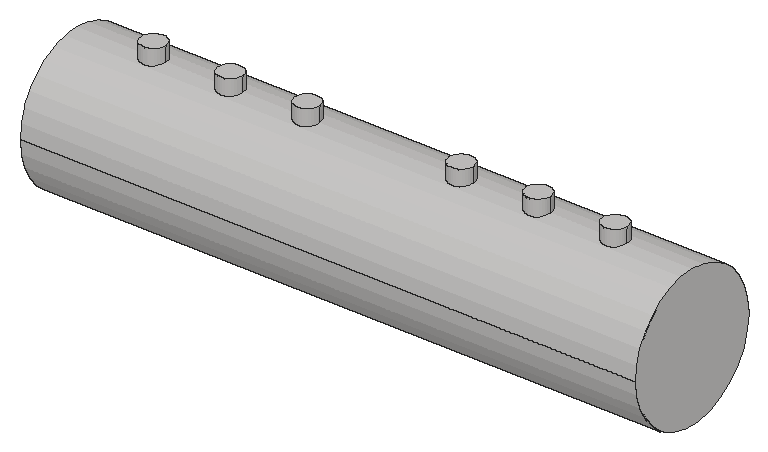
Revit family "SOFiSTiK_Muffe_Schraubschloss", category Verbindungsmittel, Revit 2023
Family settings
  Arbeitsebenenbasiert = Nein
  Immer vertikal = Nein
  Beim Laden mit Abzugskörper schneiden = Nein
  Gemeinsam genutzt = Nein
  An Ansicht ausrichten = Ja
Parameters (values of type "Ø10")
  Stabgröße 2 = d2, ø10
  Stabgröße 1 = d2, ø10
  SOFiSTiK_Symbol_ID = "Screwlock"  # constant formula
  SOFiSTiK_Identifier = "RC_Rebar_Coupler"  # constant formula
  Modell = "Schraubmuffe"
  Material = Baustahl - S 235
  Körper = 0,60 kg
  Hersteller = "Hersteller"
  Gesamtlänge = 127 mm
  Endenbearbeitung 2 = SOFiSTiK_Unbearbeitet
  Endenbearbeitung 1 = SOFiSTiK_Unbearbeitet
  Einfassung Stab 2 = Einfassung Stab 1  # 59 mm
  Einfassung Stab 1 = (Gesamtlänge - 10 mm) / 2  # 59 mm
  Bauelement = "M"
  Außendurchmesser = 29 mm
Types (14, lengths in mm): name | Stabgröße 2 | Stabgröße 1 | Körper | Gesamtlänge | Einfassung Stab 2 | Einfassung Stab 1 | Außendurchmesser
  (no name) | d2, ø10 | d2, ø10 | 0.6 (stored number, unit not read) | 127 | 0.19193 (stored number, unit not read) | 0.19193 (stored number, unit not read) | 29
  Ø6 | d2, ø6 | d2, ø6 | 0,60 kg | 100 | 45 mm | 45 mm | 29
  Ø8 | d2, ø8 | d2, ø8 | 0,60 kg | 127 | 59 mm | 59 mm | 29
  Ø10 | d2, ø10 | d2, ø10 | 0,60 kg | 127 | 59 mm | 59 mm | 29
  Ø12 | d2, ø12 | d2, ø12 | 0,60 kg | 127 | 59 mm | 59 mm | 29
  Ø14 | d2, ø14 | d2, ø14 | 0,90 kg | 159 | 75 mm | 75 mm | 35
  Ø16 | d2, ø16 | d2, ø16 | 0,13 kg | 159 | 75 mm | 75 mm | 35
  Ø20 | d2, ø20 | d2, ø20 | 1,70 kg | 191 | 91 mm | 91 mm | 44
  Ø26 | d2, ø26 | d2, ø26 | 3,40 kg | 254 | 122 mm | 122 mm | 54
  Ø30 | d2, ø30 | d2, ø30 | 0,36 kg | 260 | 125 mm | 125 mm | 60
  Ø34 | d2, ø34 | d2, ø34 | 5,90 kg | 323 | 157 mm | 157 mm | 65
  Ø40 | d2, ø40 | d2, ø40 | 10,90 kg | 400 | 195 mm | 195 mm | 80
  Ø18 | d2, ø18 | d2, ø18 | 0,13 kg | 159 | 75 mm | 75 mm | 35
  Ø22 | d2, ø22 | d2, ø22 | 1,70 kg | 191 | 91 mm | 91 mm | 44
Reference planes
  plane 1: y = 0
  plane 2: z = 0
  plane 3 "Mitte (Links/rechts)": x = 0
  plane 4: x = -63.5
  plane 5: x = 63.5
  plane 6: y = 14.5
  plane 7: y = -14.5
  plane 8: x = -47.625
  plane 9: x = -31.75
  plane 10: x = -15.875
  plane 11: x = 15.875
  plane 12: x = 31.75
  plane 13: x = 47.625
  plane 14: z = 17.5
  plane 15: z = 14.5
  plane 16: z = -14.5
Forms (mm)
  Extrusion 1, solid, material "Baustahl - S 235" <- "Material"
    sketch origin (0, 0, 0) x (0, 1, 0) y (0, 0, 1)
      loop
        circle (0, 0) r 14.5
    from -63.5 to 63.5
  Extrusion 2, solid, material "Baustahl - S 235" <- "Material"
    sketch origin (0, 0, 0) x (1, 0, 0) y (0, 1, 0)
      loop
        circle (-47.625, 0) r 2.5
      loop
        circle (-31.75, 0) r 2.5
      loop
        circle (-15.875, 0) r 2.5
      loop
        circle (15.875, 0) r 2.5
      loop
        circle (31.75, 0) r 2.5
      loop
        circle (47.625, 0) r 2.5
    from 0 to 17.5
Cuts and joins
  joined: Extrusion 1, Extrusion 2
Lines and regions (mm)
  symbolic lines
    curve 1: line (-63.5, 14.5, 0) -> (63.5, 14.5, 0)
    curve 2: line (-63.5, -14.5, 0) -> (-63.5, 14.5, 0)
    curve 3: line (63.5, -14.5, 0) -> (-63.5, -14.5, 0)
    curve 4: line (63.5, 14.5, 0) -> (63.5, -14.5, 0)
Dimensions and locks
  equal spacing: plane 4, plane 3 "Mitte (Links/rechts)", plane 5
  "Gesamtlänge": plane 4 to plane 5
  equal spacing: plane 6, plane 1, plane 7
  "Außendurchmesser": plane 6 to plane 7
  equal spacing: plane 15, plane 2, plane 16
  "Außendurchmesser": plane 15 to plane 16
  locked: plane 14 to plane 15 at 3
  equal spacing: plane 4, plane 8, plane 9, plane 10, plane 3 "Mitte (Links/rechts)"
  equal spacing: plane 3 "Mitte (Links/rechts)", plane 11, plane 12, plane 13, plane 5
  "Außendurchmesser": diameter of Extrusion 1 sketch curve
  diameter of Extrusion 2 sketch curve = 5 mm  (x6)
  aligned and locked: Extrusion 1 to plane 4
  aligned and locked: plane 5 to Extrusion 1
  aligned and locked: plane 4 to curve 2
  aligned and locked: curve 4 to plane 5
  aligned and locked: curve 1 to plane 6
  aligned and locked: curve 3 to plane 7
  aligned and locked: plane 14 to Extrusion 2
Automatic sketch dimensions
  plane 1 to Extrusion 2 sketch curve = 0 mm  (x6)
  Extrusion 2 sketch curve to plane 8 = 0 mm
  Extrusion 2 sketch curve to plane 9 = 0 mm
  Extrusion 2 sketch curve to plane 10 = 0 mm
  Extrusion 2 sketch curve to plane 11 = 0 mm
  Extrusion 2 sketch curve to plane 12 = 0 mm
  Extrusion 2 sketch curve to plane 13 = 0 mm
  Extrusion 1 sketch curve to level = 0 mm
  Extrusion 1 sketch curve to plane 1 = 0 mm
